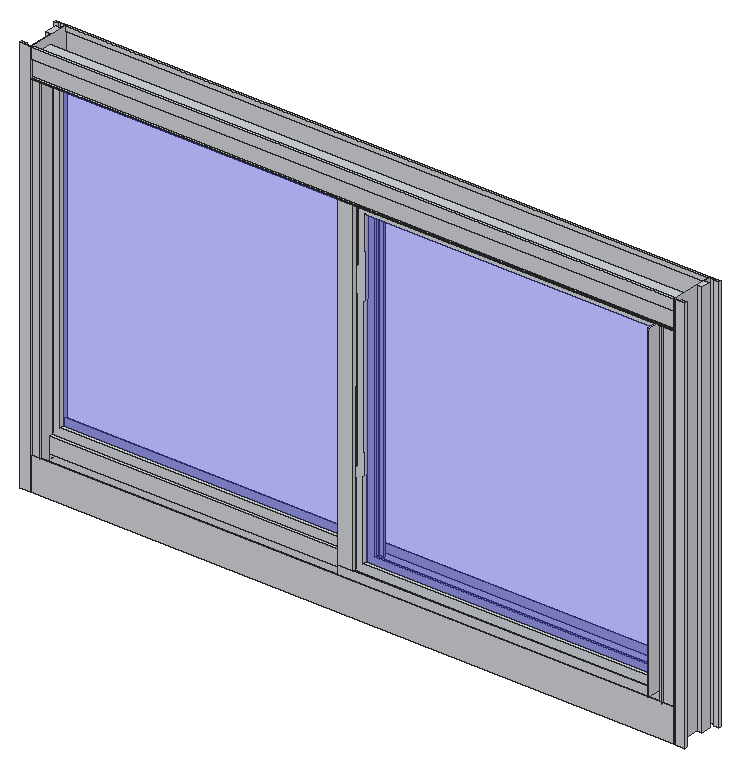
Revit family "3410_Single Slider", category Windows, host Wall, Revit 2023
Family settings
  Host = Wall
  OmniClass Number = 23.30.20.00
  OmniClass Title = Windows
  Always vertical = Yes
  Cut with Voids When Loaded = No
  Shared = No
  Room Calculation Point = No
Parameters
  Vent Width = Keep Rail Mid + 0' 2 15/16"  # 2' - 6 1/4"
  Vent Opening [instance] = 0' - 0"
  Vent Height = Height - 0' 4 5/16"  # 2' - 7 11/16"
  Keep Rail Mid = ((Width - 0' 8") / 2) + 0' 1 5/16"  # 2' - 3 5/16"
  Height = 3' - 0"
  Glass Material = Glass
  Frame Material = none
  Depth From Exterior = 0' - 0.98499"
  Default Sill Height = 3' - 0"
  Wall Closure = By host
  Width = 5' - 0"
Reference planes (in)
  plane 1 "Center (Front/Back)": y = 0
  plane 2: z = 0
  plane 3 "Center (Left/Right)": x = 0
  plane 4 "Left": x = -30
  plane 5 "Right": x = 30
  plane 6 "Sill": z = 36
  plane 7 "Top": z = 72
  plane 8: y = 2.01501
  plane 9: y = -1.98499
  plane 10: y = 3
  plane 11: y = 2.01501
  plane 12: y = -1.98499
  plane 13: y = -0.02499
  plane 14: y = 2.01501
  plane 15: x = 29
  plane 16: x = 30
  plane 17: y = 2.01501
  plane 18: y = -1.83449
  plane 19: x = 27.16
  plane 20: x = 29
  plane 21: y = 1.76301
  plane 22: y = 1.70051
  plane 23: y = 1.76301
  plane 24: y = -0.00449
  plane 25: y = 1.70051
  plane 26: x = 29
  plane 27: x = 27.473
  plane 28: y = -1.83449
  plane 29: y = -1.91449
  plane 30: x = 27.6292
  plane 31: x = 29
  plane 32: x = 30
  plane 33: x = 29
  plane 34: y = -1.83449
  plane 35: y = -1.98499
  plane 36: x = -29
  plane 37: x = -30
  plane 38: y = 2.01501
  plane 39: y = -1.98499
  plane 40: x = -29
  plane 41: x = -28.25
  plane 42: y = -1.85249
  plane 43: y = -1.91449
  plane 44: x = -2.2595
  plane 45: x = -0.1525
  plane 46: y = 1.76301
  plane 47: y = 1.70101
  plane 48: x = -1.5095
  plane 49: x = -0.1525
  plane 50: y = 1.70101
  plane 51: y = 0.15301
  plane 52: y = 0.67101
  plane 53: y = 0.67101
  plane 54: y = 0.29801
  plane 55: y = 1.67101
  plane 56: y = 0.67101
  plane 57: x = 27.45513
  plane 58: x = 27.45513
  plane 59: z = 37.812
  plane 60: z = 38.20352
  plane 61: y = -0.13088
Forms (in)
  Sweep 1, solid
    path origin (0, 0, 0) x (1, 0, 0) y (0, 0, 1)
      loop
        line (29, 36) -> (-29, 36)
    profile origin (0, 0, 36) x (0, 0, -1) y (0, -1, 0)
      loop
        line (-2.982, 1.98499) -> (-2.982, 1.91499) -> (-2.92, 1.91499) -> (-2.92, 1.83499) -> (-2.214, 1.83499) -> (-2.158, 1.89099) -> (-1.812, 1.89099) -> (-1.812, 0.97699) -> (-1.71826, 0.64264)
        arc (-1.71826, 0.64264) -> (-1.67361, 0.57582) -> (-1.59752, 0.54999) r 0.125
        line (-1.59752, 0.54999) -> (-1.03641, 0.54999) -> (-0.99048, 0.02499) -> (-2.187, 0.02499) -> (-2.187, -0.10001) -> (-2.07961, -0.16201) -> (-2.07961, -0.06901) -> (-0.98225, -0.06901) -> (-0.87891, -1.2502)
        arc (-0.87891, -1.2502) -> (-0.84878, -1.31131) -> (-0.78527, -1.33601) r 0.094
        line (-0.78527, -1.33601) -> (-0.625, -1.33601) -> (-0.625, -1.64801) -> (-1.749, -1.64801) -> (-1.749, -1.92101) -> (-2.07961, -1.92101) -> (-2.07961, -1.82801) -> (-2.187, -1.89001) -> (-2.187, -2.01501) -> (-1.655, -2.01501) -> (-1.655, -1.74201) -> (-0.625, -1.74201) -> (-0.625, -2.01501) -> (0, -2.01501) -> (0, -1.83001) -> (-0.434, -1.83001) -> (-0.434, -1.92101) -> (-0.531, -1.92101) -> (-0.531, -1.32201) -> (-0.29932, -1.32201) -> (-0.29932, -0.65701) -> (-0.34932, -0.65701) -> (-0.34932, -0.46401) -> (-0.85334, -0.46401) -> (-0.96063, 0.76242) -> (-1.05499, 0.76242) -> (-1.04463, 0.64399) -> (-1.59752, 0.64399)
        arc (-1.59752, 0.64399) -> (-1.61639, 0.6504) -> (-1.62746, 0.66697) r 0.031
        line (-1.62746, 0.66697) -> (-1.718, 1.00487) -> (-1.718, 1.89099) -> (-0.434, 1.89099) -> (-0.434, 1.79999) -> (0, 1.79999) -> (0, 1.98499) -> (-2.982, 1.98499)
  Sweep 2, solid
    path origin (0, 0, 0) x (1, 0, 0) y (0, 0, 1)
      loop
        line (29, 72) -> (-29, 72)
    profile origin (0, 0, 72) x (0, 0, -1) y (0, -1, 0)
      loop
        line (0, -2.01501) -> (2.563, -2.01501) -> (2.563, -1.74551) -> (3.3125, -1.74551) -> (3.3125, -1.68301) -> (2.563, -1.68301) -> (2.563, 0.02549) -> (1.018, 0.02549) -> (1.018, 1.83549) -> (2.563, 1.83549) -> (2.563, 1.92249) -> (2.6255, 1.92249) -> (2.6255, 1.98499) -> (2.5375, 1.98499) -> (2.4505, 1.89799) -> (1.018, 1.89799) -> (1.018, 1.98499) -> (0, 1.98499) -> (0, 1.79999) -> (0.4375, 1.79999) -> (0.4375, 1.92249) -> (0.9555, 1.92249) -> (0.9555, 1.46349) -> (0.7125, 1.46349) -> (0.7125, -0.03651) -> (2.5, -0.03651) -> (2.5, -0.31051) -> (2.0625, -0.31051) -> (2.0625, -1.36581) -> (2.5, -1.36581) -> (2.5, -1.94001) -> (0.4375, -1.94001) -> (0.4375, -1.83001) -> (0, -1.83001) -> (0, -2.01501)
  Sweep 3, solid
    path origin (0, 0, 0) x (1, 0, 0) y (0, 0, 1)
      loop
        line (29, 38.187) -> (-29, 38.187)
    profile origin (0, 0, 38.187) x (0, 0, -1) y (0, -1, 0)
      loop
        line (0, -2.01501) -> (0, -1.82801) -> (0.10739, -1.82801) -> (0.12078, -1.87801) -> (0.37851, -1.80895)
        arc (0.37851, -1.80895) -> (0.40122, -1.77496) -> (0.37048, -1.74801) r 0.031
        line (0.37048, -1.74801) -> (-0.08, -1.74801) -> (-0.08, -1.93501) -> (-1.42, -1.93501) -> (-1.42, -1.36601) -> (-1.001, -1.36601) -> (-1.001, -0.29301) -> (-1.42, -0.29301) -> (-1.42, -0.05501) -> (-0.08, -0.05501) -> (-0.08, -0.24201) -> (0.37048, -0.24201)
        arc (0.37048, -0.24201) -> (0.40122, -0.21506) -> (0.37851, -0.18107) r 0.031
        line (0.37851, -0.18107) -> (0.12078, -0.11201) -> (0.10739, -0.16201) -> (0, -0.16201) -> (0, 0.02499) -> (-1.5, 0.02499) -> (-1.5, -1.68301) -> (-2.25, -1.68301) -> (-2.25, -1.76301) -> (-1.5, -1.76301) -> (-1.5, -2.01501) -> (0, -2.01501)
  Sweep 4, solid
    path origin (0, 0, 0) x (0, 1, 0) y (0, 0, 1)
      loop
        line (1.03293, 72) -> (1.03293, 36)
    profile origin (0, 1.03293, 54) x (1, 0, 0) y (0, 1, 0)
      loop
        line (29, -2.86742) -> (29.0625, -2.86742) -> (29.0625, -0.48892) -> (29.5, -0.48892) -> (29.5, 0.33308) -> (29.0625, 0.33308) -> (29.0625, 0.91958) -> (29.5625, 0.91958) -> (29.5625, 0.79708) -> (30, 0.79708) -> (30, 0.98208) -> (29, 0.98208) -> (29, -1.05742) -> (29, -2.86742)
  Sweep 5, solid
    path origin (0, 0, 0) x (0, 1, 0) y (0, 0, 1)
      loop
        line (1.69075, 40.437) -> (1.69075, 68.6875)
    profile origin (0, 1.69075, 54.56225) x (0, -1, 0) y (1, 0, 0)
      loop
        line (-0.07226, 27.16) -> (-0.00976, 27.16) -> (-0.00976, 29) -> (-0.07226, 29) -> (-0.07226, 27.16)
  Sweep 6, solid
    path origin (0, 0, 0) x (0, 1, 0) y (0, 0, 1)
      loop
        line (0.94697, 69.437) -> (0.94697, 39.687)
    profile origin (0, 0.94697, 54.562) x (1, 0, 0) y (0, 1, 0)
      loop
        line (29, -0.95146) -> (29, -0.87146) -> (28.95125, -0.87146) -> (28.95125, -0.81196) -> (27.66, -0.81196) -> (27.66, 0.51604) -> (27.802, 0.51604) -> (27.802, 0.75354) -> (27.598, 0.75354) -> (27.598, 0.25304) -> (27.473, 0.25304) -> (27.473, 0.19104) -> (27.598, 0.19104) -> (27.598, -0.95146) -> (29, -0.95146)
  Sweep 7, solid
    path origin (0, 0, 0) x (0, 1, 0) y (0, 0, 1)
      loop
        line (-1.91435, 38.982) -> (-1.91435, 69.3745)
    profile origin (0, -1.91435, 54.17825) x (0, -1, 0) y (1, 0, 0)
      loop
        line (-0.07986, 27.6292) -> (0.00014, 27.6292) -> (0.00014, 27.80157) -> (0.21114, 27.97244) -> (0.21114, 28.0242) -> (0.00014, 27.96766) -> (0.00014, 29) -> (-0.07986, 29) -> (-0.07986, 27.6292)
  Sweep 8, solid
    path origin (0, 0, 0) x (0, 1, 0) y (0, 0, 1)
      loop
        line (-1.68118, 36) -> (-1.68118, 72)
    profile origin (0, -1.68118, 54) x (0, -1, 0) y (1, 0, 0)
      loop
        line (0.30381, 30) -> (0.11881, 30) -> (0.11881, 29.5625) -> (0.24131, 29.5625) -> (0.24131, 29.0625) -> (0.15331, 29.0625) -> (0.15331, 29) -> (0.30381, 29) -> (0.30381, 30)
  Sweep 9, solid
    path origin (0, -1.5612, 0) x (0, 1, 0) y (0, 0, 1)
      loop
        line (-2.50653, 36) -> (-2.50653, 72)
    profile origin (0, -4.06773, 54) x (0, -1, 0) y (1, 0, 0)
      loop
        line (-2.08274, -30) -> (-2.08274, -29) -> (-6.08274, -29) -> (-6.08274, -30) -> (-5.89774, -30) -> (-5.89774, -29.566) -> (-6.02074, -29.566) -> (-6.02074, -29.062) -> (-5.44028, -29.062) -> (-5.44028, -29.499) -> (-4.37874, -29.499) -> (-4.37874, -29.062) -> (-2.14474, -29.062) -> (-2.14474, -29.566) -> (-2.26774, -29.566) -> (-2.26774, -30) -> (-2.08274, -30)
  Sweep 10, solid
    path origin (0, 0, 0) x (0, 1, 0) y (0, 0, 1)
      loop
        line (-1.883, 38.92) -> (-1.883, 69.3745)
    profile origin (0, -1.883, 54.14725) x (0, -1, 0) y (1, 0, 0)
      loop
        line (-0.03051, -28.25) -> (-0.03051, -29) -> (0.03149, -29) -> (0.03149, -28.25) -> (-0.03051, -28.25)
  Sweep 11, solid
    path origin (0, 0, 0) x (0, 1, 0) y (0, 0, 1)
      loop
        line (1.72318, 40.437) -> (1.72318, 68.6875)
    profile origin (0, 1.72318, 54.56225) x (0, -1, 0) y (1, 0, 0)
      loop
        line (-0.03983, -0.1525) -> (-0.03983, -2.2595) -> (0.02217, -2.2595) -> (0.02217, -0.1525) -> (-0.03983, -0.1525)
  Sweep 12, solid
    path origin (0, 0, 0) x (0, 1, 0) y (0, 0, 1)
      loop
        line (0.8704, 39.687) -> (0.8704, 69.437)
    profile origin (0, 0.8704, 54.562) x (0, -1, 0) y (1, 0, 0)
      loop
        line (-0.83061, -1.5095) -> (0.71739, -1.5095) -> (0.71739, -0.9745) -> (0.11039, -0.9745) -> (0.11039, -0.6045) -> (0.67739, -0.6045)
        arc (0.67739, -0.6045) -> (0.70567, -0.59278) -> (0.71739, -0.5645) r 0.04
        line (0.71739, -0.5645) -> (0.71739, -0.2145) -> (0.85539, -0.2145) -> (0.85539, -0.46233) -> (0.91111, -0.55884) -> (0.93539, -0.5785) -> (0.93539, -0.1835)
        arc (0.93539, -0.1835) -> (0.92631, -0.16158) -> (0.90439, -0.1525) r 0.031
        line (0.90439, -0.1525) -> (-0.26761, -0.1525) -> (-0.26761, 0.3165)
        arc (-0.26761, 0.3165) -> (-0.29861, 0.3475) -> (-0.32961, 0.3165) r 0.031
        line (-0.32961, 0.3165) -> (-0.32961, -0.1525) -> (-0.83061, -0.1525) -> (-0.83061, -1.5095)
  Sweep 13, solid
    path origin (0, 0, 0) x (1, 0, 0) y (0, 0, 1)
      loop
        line (-1.5095, 39.687) -> (-1.5095, 69.437) -> (-29, 69.437) -> (-29, 39.687) -> (-1.5095, 39.687)
    profile origin (-15.25475, 0, 39.687) x (0, 0, -1) y (0, -1, 0)
      loop
        line (-0.75, -0.29801) -> (-0.75, -0.67101) -> (-0.3135, -0.67101) -> (-0.3135, -0.35501) -> (-0.062, -0.35501) -> (-0.062, -0.41001)
        arc (-0.062, -0.41001) -> (-0.05292, -0.43193) -> (-0.031, -0.44101) r 0.031
        line (-0.031, -0.44101) -> (0, -0.44101) -> (0, -0.29801) -> (-0.75, -0.29801)
  Sweep 14, solid, material "Glass" <- "Glass Material"
    path origin (0, 0, 0) x (0, 1, 0) y (0, 0, 1)
      loop
        line (1.5554, 39.687) -> (1.5554, 69.437)
    profile origin (0, 1.5554, 54.562) x (0, -1, 0) y (1, 0, 0)
      loop
        line (-0.11561, -29) -> (0.13439, -29) -> (0.13439, -1.5095) -> (-0.11561, -1.5095) -> (-0.11561, -29)
      loop
        line (0.63439, -29) -> (0.88439, -29) -> (0.88439, -1.5095) -> (0.63439, -1.5095) -> (0.63439, -29)
Lines and regions (in)
  Opening 1
    outline origin (-60, -3, 0) x (1, 0, 0) y (0, 0, 1)
      loop
        line (30, 72) -> (30, 36) -> (90, 36) -> (90, 72) -> (30, 72)
Text (in)
  text "EXTERIOR" at (-58.6888, 50.90694, 0), in view "Ref. Level"
  text "INTERIOR" at (-58.6888, -37.76638, 0), in view "Ref. Level"
  text "Exterior" at (0, 43.65631, 123.19604), in view "Left"
  text "Exterior" at (0, 18.29385, 125.04747), in view "Right"
Dimensions and locks (in)
  equal spacing: plane 4 "Left", plane 3 "Center (Left/Right)", plane 5 "Right"
  "Height": plane 6 "Sill" to plane 7 "Top"
  "Default Sill Height": plane 2 to plane 6 "Sill"
  "Width": plane 4 "Left" to plane 5 "Right"
  locked: plane 8 to plane 9 at 4
  "Depth From Exterior": plane 10 to plane 8
  locked: plane 11 to plane 12 at 4
  locked: plane 14 to plane 13 at 2.04
  locked: plane 17 to plane 18 at 3.8495
  locked: plane 15 to plane 16 at 1
  locked: plane 19 to plane 20 at 1.84
  locked: plane 21 to plane 22 at 0.0625
  locked: plane 23 to plane 17 at 0.252
  locked: plane 27 to plane 26 at 1.527
  locked: plane 25 to plane 24 at 1.705
  locked: plane 30 to plane 31 at 1.3708
  locked: plane 28 to plane 29 at 0.08
  locked: plane 33 to plane 32 at 1
  locked: plane 34 to plane 35 at 0.1505
  locked: plane 37 to plane 36 at 1
  locked: plane 39 to plane 38 at 4
  locked: plane 40 to plane 41 at 0.75
  locked: plane 43 to plane 42 at 0.062
  locked: plane 44 to plane 45 at 2.107
  locked: plane 46 to plane 47 at 0.062
  locked: plane 48 to plane 49 at 1.357
  locked: plane 50 to plane 51 at 1.548
  plane 49 to plane 44 = 0' - 2.107"
  "Keep Rail Mid": plane 19 to plane 49
  locked: plane 53 to plane 54 at 0.373
  locked: plane 38 to plane 53 at 1.344
  locked: plane 55 to plane 56 at 1
  locked: plane 57 to plane 30 at 0.17407
  "Vent Opening": plane 58 to plane 57
  locked: plane 59 to plane 6 "Sill" at 1.812
  locked: plane 60 to plane 59 at 0.39152
  locked: plane 61 to plane 13 at 0.10589
  plane 49 to plane 19 = 2' - 3 5/16"
  aligned and locked: plane 7 "Top" to Opening 1 sketch curve
  aligned and locked: plane 6 "Sill" to Opening 1 sketch curve  (x2)
  aligned and locked: plane 5 "Right" to Opening 1 sketch curve
  aligned and locked: plane 4 "Left" to Opening 1 sketch curve
  aligned and locked: level to plane 2
  aligned and locked: plane 6 "Sill" to Sweep 1 sketch curve
  aligned and locked: plane 8 to Sweep 1  (x2)
  aligned and locked: plane 9 to Sweep 1
  aligned and locked: plane 10 to host wall
  aligned and locked: plane 7 "Top" to Sweep 2 sketch curve
  aligned and locked: plane 11 to Sweep 2
  aligned and locked: plane 12 to Sweep 2
  aligned and locked: plane 8 to plane 11
  aligned and locked: Sweep 3 sketch curve to Sweep 1
  aligned and locked: plane 14 to Sweep 3
  aligned and locked: plane 13 to Sweep 3
  aligned and locked: plane 14 to plane 11
  aligned and locked: plane 16 to Sweep 4
  aligned and locked: plane 16 to plane 5 "Right"
  aligned and locked: plane 17 to Sweep 4
  aligned and locked: plane 18 to Sweep 4
  aligned and locked: plane 17 to plane 14
  aligned and locked: plane 7 "Top" to Sweep 4 sketch curve
  aligned and locked: plane 6 "Sill" to Sweep 4 sketch curve
  aligned and locked: plane 15 to Sweep 4
  aligned and locked: plane 15 to Sweep 2 sketch curve
  aligned and locked: plane 15 to Sweep 3 sketch curve
  aligned and locked: plane 15 to Sweep 1 sketch curve
  aligned and locked: Sweep 2 to Sweep 5 sketch curve
  aligned and locked: Sweep 3 to Sweep 5 sketch curve
  aligned and locked: plane 21 to Sweep 5
  aligned and locked: plane 20 to Sweep 5
  aligned and locked: plane 22 to Sweep 5
  aligned and locked: plane 19 to Sweep 5
  aligned and locked: plane 23 to Sweep 3
  aligned and locked: plane 21 to plane 23
  aligned and locked: plane 20 to plane 15
  aligned and locked: Sweep 3 to Sweep 6 sketch curve
  aligned and locked: Sweep 2 to Sweep 6 sketch curve
  aligned and locked: plane 24 to Sweep 6
  aligned and locked: plane 25 to Sweep 6
  aligned and locked: plane 26 to Sweep 6
  aligned and locked: plane 27 to Sweep 6
  aligned and locked: plane 26 to plane 20
  aligned and locked: plane 25 to plane 22
  aligned and locked: Sweep 2 to Sweep 7 sketch curve
  aligned and locked: Sweep 7 sketch curve to Sweep 1
  aligned and locked: plane 30 to Sweep 7
  aligned and locked: plane 31 to Sweep 7
  aligned and locked: plane 28 to Sweep 7
  aligned and locked: plane 29 to Sweep 7
  aligned and locked: plane 31 to plane 26
  aligned and locked: plane 18 to plane 28
  aligned and locked: plane 7 "Top" to Sweep 8 sketch curve
  aligned and locked: plane 6 "Sill" to Sweep 8 sketch curve
  aligned and locked: plane 34 to Sweep 8
  aligned and locked: plane 35 to Sweep 8
  aligned and locked: plane 32 to Sweep 8
  aligned and locked: plane 33 to Sweep 8
  aligned and locked: plane 32 to plane 16
  aligned and locked: plane 34 to plane 28
  aligned and locked: plane 7 "Top" to Sweep 9 sketch curve
  aligned and locked: plane 6 "Sill" to Sweep 9 sketch curve
  aligned and locked: Sweep 9 to plane 38
  aligned and locked: plane 39 to Sweep 9
  aligned and locked: plane 37 to Sweep 9  (x2)
  aligned and locked: plane 36 to Sweep 9
  aligned and locked: plane 37 to plane 4 "Left"
  aligned and locked: plane 14 to plane 38
  aligned and locked: plane 36 to Sweep 3 sketch curve
  aligned and locked: plane 36 to Sweep 1 sketch curve
  aligned and locked: plane 36 to Sweep 2 sketch curve
  aligned and locked: Sweep 10 sketch curve to Sweep 2
  aligned and locked: Sweep 1 to Sweep 10 sketch curve
  aligned and locked: plane 42 to Sweep 10
  aligned and locked: plane 43 to Sweep 10
  aligned and locked: plane 40 to Sweep 10
  aligned and locked: plane 41 to Sweep 10
  aligned and locked: plane 43 to plane 29
  aligned and locked: plane 36 to plane 40
  aligned and locked: Sweep 2 to Sweep 11 sketch curve
  aligned and locked: Sweep 3 to Sweep 11 sketch curve
  aligned and locked: plane 46 to Sweep 11
  aligned and locked: plane 45 to Sweep 11
  aligned and locked: plane 47 to Sweep 11
  aligned and locked: plane 44 to Sweep 11
  aligned and locked: plane 23 to plane 46
  aligned and locked: Sweep 2 to Sweep 12 sketch curve
  aligned and locked: Sweep 3 to Sweep 12 sketch curve
  aligned and locked: plane 50 to Sweep 12
  aligned and locked: plane 51 to Sweep 12  (x2)
  aligned and locked: plane 49 to Sweep 12  (x2)
  aligned and locked: plane 48 to Sweep 12
  aligned and locked: plane 45 to plane 49
  aligned and locked: plane 50 to plane 47
  aligned and locked: plane 48 to Sweep 13 sketch curve
  aligned and locked: Sweep 13 sketch curve to plane 40
  aligned and locked: Sweep 13 sketch curve to Sweep 2
  aligned and locked: Sweep 13 sketch curve to Sweep 3
  aligned and locked: plane 53 to Sweep 13
  aligned and locked: plane 54 to Sweep 13
  aligned and locked: plane 52 to plane 53
  aligned and locked: Sweep 2 to Sweep 14 sketch curve
  aligned and locked: Sweep 3 to Sweep 14 sketch curve
  aligned and locked: Sweep 14 sketch curve to plane 40  (x2)
  aligned and locked: plane 48 to Sweep 14 sketch curve  (x2)
  aligned and locked: plane 55 to Sweep 14
  aligned and locked: plane 56 to Sweep 14
  aligned and locked: plane 53 to plane 56
  aligned and locked: plane 59 to Sweep 1
  aligned and locked: nested 1 to plane 60
  aligned and locked: plane 61 to nested 1
  aligned and locked: plane 58 to nested 1
Automatic sketch dimensions
  Sweep 1 sketch curve to Sweep 1 sketch curve = 0' - 0"  (x4)
  profile plane to Sweep 1 sketch curve = 0' - 2.982"
  Sweep 1 sketch curve to Sweep 1 sketch curve = 0' - 0.062"  (x2)
  Sweep 1 sketch curve to Sweep 1 sketch curve = 0' - 0.706"
  Sweep 1 sketch curve to Sweep 1 sketch curve = 0' - 0.027"
  Sweep 1 sketch curve to Sweep 1 sketch curve = 0' - 0.056"  (x2)
  Sweep 1 sketch curve to Sweep 1 sketch curve = 0' - 0.10739"  (x2)
  Sweep 1 sketch curve to Sweep 1 sketch curve = 0' - 0.346"
  Sweep 1 sketch curve to Sweep 1 sketch curve = 0' - 0.33061"
  Sweep 1 sketch curve to Sweep 1 sketch curve = 0' - 0 3/32"
  Sweep 1 sketch curve to Sweep 1 sketch curve = 0' - 0.094"  (x7)
  Sweep 1 sketch curve to Sweep 1 sketch curve = 0' - 0.0908"
  Sweep 1 sketch curve to Sweep 1 sketch curve = 0' - 0.02994"
  Sweep 1 sketch curve to Sweep 1 sketch curve = 0' - 0.54252"
  Sweep 1 sketch curve to Sweep 1 sketch curve = 0' - 0.01036"
  Sweep 1 sketch curve to Sweep 1 sketch curve = 0' - 0.00822"  (x2)
  Sweep 1 sketch curve to Sweep 1 sketch curve = 0' - 0.04593"
  Sweep 1 sketch curve to Sweep 1 sketch curve = 0' - 0.09436"
  Sweep 1 sketch curve to Sweep 1 sketch curve = 0' - 0.77609"
  Sweep 1 sketch curve to Sweep 1 sketch curve = 0' - 0 33/256"
  Sweep 1 sketch curve to Sweep 1 sketch curve = 0' - 0.09364"
  Sweep 1 sketch curve to Sweep 1 sketch curve = 0' - 0.16027"  (x2)
  Sweep 1 sketch curve to Sweep 1 sketch curve = 0' - 0.52663"
  Sweep 1 sketch curve to Sweep 1 sketch curve = 0' - 0.097"
  Sweep 1 sketch curve to Sweep 1 sketch curve = 0' - 0.50401"
  Sweep 1 sketch curve to Sweep 1 sketch curve = 0' - 0.05"
  Sweep 1 sketch curve to Sweep 1 sketch curve = 0' - 0.434"  (x2)
  Sweep 1 sketch curve to plane 1 "Center (Front/Back)" = 0' - 2.01501"
  Sweep 1 sketch curve to Sweep 1 sketch curve = 0' - 0.031"
  Sweep 1 sketch curve to Sweep 1 sketch curve = 0' - 0.091"  (x2)
  Sweep 1 sketch curve to Sweep 1 sketch curve = 0' - 0.093"  (x2)
  Sweep 1 sketch curve to Sweep 1 sketch curve = 0' - 0.179"
  Sweep 1 sketch curve to Sweep 1 sketch curve = 0' - 0.312"
  Sweep 1 sketch curve to Sweep 1 sketch curve = 0' - 0.014"
  Sweep 1 sketch curve to Sweep 1 sketch curve = 0' - 0.08581"
  Sweep 1 sketch curve to Sweep 1 sketch curve = 0' - 0.665"
  Sweep 1 sketch curve to Sweep 1 sketch curve = 0' - 0.193"
  Sweep 1 sketch curve to Sweep 1 sketch curve = 0' - 0.302"
  Sweep 1 sketch curve to Sweep 1 sketch curve = 0' - 0 1/8"
  Sweep 1 sketch curve to Sweep 1 sketch curve = 0' - 0.619"
  Sweep 1 sketch curve to Sweep 1 sketch curve = 0' - 0.09265"
  Sweep 1 sketch curve to Sweep 1 sketch curve = 0' - 0.11843"
  Sweep 1 sketch curve to Sweep 1 sketch curve = 0' - 0.33435"
  Sweep 1 sketch curve to Sweep 1 sketch curve = 0' - 0.02788"
  Sweep 1 sketch curve to Sweep 1 sketch curve = 0' - 0.858"
  Sweep 1 sketch curve to Sweep 1 sketch curve = 0' - 0.08"
  Sweep 1 sketch curve to Sweep 1 sketch curve = 0' - 0.07"
  Sweep 1 sketch curve to Sweep 1 sketch curve = 0' - 0.185"
  Sweep 2 sketch curve to profile plane = 0' - 0"
  Sweep 2 sketch curve to Sweep 2 sketch curve = 0' - 0"  (x3)
  Sweep 2 sketch curve to Sweep 2 sketch curve = 0' - 0 7/16"  (x4)
  Sweep 2 sketch curve to Sweep 2 sketch curve = 0' - 0.275"
  Sweep 2 sketch curve to Sweep 2 sketch curve = 0' - 0.243"
  Sweep 2 sketch curve to Sweep 2 sketch curve = 0' - 0 1/16"  (x5)
  Sweep 2 sketch curve to Sweep 2 sketch curve = 0' - 1 5/8"
  Sweep 2 sketch curve to Sweep 2 sketch curve = 0' - 1.4325"
  Sweep 2 sketch curve to Sweep 2 sketch curve = 0' - 0.087"  (x2)
  Sweep 2 sketch curve to Sweep 2 sketch curve = 0' - 0.1125"
  Sweep 2 sketch curve to Sweep 2 sketch curve = 0' - 0.063"
  Sweep 2 sketch curve to Sweep 2 sketch curve = 0' - 0.7495"
  Sweep 2 sketch curve to plane 1 "Center (Front/Back)" = 0' - 1.94001"
  Sweep 2 sketch curve to Sweep 2 sketch curve = 0' - 0.11"
  Sweep 2 sketch curve to Sweep 2 sketch curve = 0' - 0.1945"
  Sweep 2 sketch curve to Sweep 2 sketch curve = 0' - 0.3172"
  Sweep 2 sketch curve to Sweep 2 sketch curve = 0' - 1.0553"
  Sweep 2 sketch curve to Sweep 2 sketch curve = 0' - 0.274"
  Sweep 2 sketch curve to Sweep 2 sketch curve = 0' - 0.062"
  Sweep 2 sketch curve to Sweep 2 sketch curve = 0' - 1.438"
  Sweep 2 sketch curve to Sweep 2 sketch curve = 0' - 0.3365"
  Sweep 2 sketch curve to Sweep 2 sketch curve = 0' - 0.372"
  Sweep 2 sketch curve to Sweep 2 sketch curve = 0' - 0.0245"
  Sweep 2 sketch curve to Sweep 2 sketch curve = 0' - 0.185"  (x2)
  profile plane to Sweep 3 sketch curve = 0' - 2 1/4"
  Sweep 3 sketch curve to Sweep 3 sketch curve = 0' - 0 3/4"
  Sweep 3 sketch curve to Sweep 3 sketch curve = 0' - 0"
  Sweep 3 sketch curve to Sweep 3 sketch curve = 0' - 0.08"  (x8)
  Sweep 3 sketch curve to Sweep 3 sketch curve = 0' - 0.499"
  Sweep 3 sketch curve to Sweep 3 sketch curve = 0' - 0.921"  (x2)
  Sweep 3 sketch curve to Sweep 3 sketch curve = 0' - 0.10739"  (x2)
  Sweep 3 sketch curve to Sweep 3 sketch curve = 0' - 0.0134"  (x2)
  Sweep 3 sketch curve to Sweep 3 sketch curve = 0' - 0.2631"  (x2)
  Sweep 3 sketch curve to Sweep 3 sketch curve = 0' - 0.00802"  (x2)
  Sweep 3 sketch curve to plane 1 "Center (Front/Back)" = 0' - 2.01501"
  Sweep 3 sketch curve to Sweep 3 sketch curve = 0' - 0.137"
  Sweep 3 sketch curve to Sweep 3 sketch curve = 0' - 0.05"
  Sweep 3 sketch curve to Sweep 3 sketch curve = 0' - 0.02994"
  Sweep 3 sketch curve to Sweep 3 sketch curve = 0' - 0.252"
  Sweep 3 sketch curve to Sweep 3 sketch curve = 0' - 0.317"
  Sweep 3 sketch curve to Sweep 3 sketch curve = 0' - 1.073"
  Sweep 3 sketch curve to Sweep 3 sketch curve = 0' - 0.051"
  Sweep 3 sketch curve to Sweep 3 sketch curve = 0' - 0.031"
  Sweep 3 sketch curve to Sweep 3 sketch curve = 0' - 0.107"
  plane 8 to Sweep 4 sketch curve = 0' - 0.98208"
  Sweep 4 sketch curve to Sweep 4 sketch curve = 0' - 0 1/16"  (x4)
  Sweep 4 sketch curve to Sweep 4 sketch curve = 0' - 0 7/16"  (x2)
  profile plane to Sweep 4 sketch curve = 0' - 0.48892"
  Sweep 4 sketch curve to profile plane = 0' - 0.33308"
  Sweep 4 sketch curve to Sweep 4 sketch curve = 0' - 0.464"
  Sweep 4 sketch curve to Sweep 4 sketch curve = 0' - 0.1225"
  Sweep 4 sketch curve to Sweep 4 sketch curve = 0' - 1.81"
  profile plane to Sweep 4 sketch curve = 0' - 2.86742"
  plane 3 "Center (Left/Right)" to Sweep 4 sketch curve = 2' - 5"
  plane 8 to Sweep 5 sketch curve = 0' - 0.32426"
  profile plane to Sweep 5 sketch curve = 0' - 0.00976"
  plane 3 "Center (Left/Right)" to Sweep 5 sketch curve = 2' - 3.16"
  Sweep 5 sketch curve to Sweep 5 sketch curve = 0' - 1.84"
  Sweep 5 sketch curve to Sweep 5 sketch curve = 0' - 0 1/16"
  Sweep 6 sketch curve to plane 22 = 0' - 0.75354"
  plane 3 "Center (Left/Right)" to Sweep 6 sketch curve = 2' - 3.473"
  Sweep 6 sketch curve to Sweep 6 sketch curve = 0' - 0 1/8"
  Sweep 6 sketch curve to Sweep 6 sketch curve = 0' - 0"
  Sweep 6 sketch curve to Sweep 6 sketch curve = 0' - 0.062"  (x2)
  Sweep 6 sketch curve to Sweep 6 sketch curve = 0' - 0.142"
  Sweep 6 sketch curve to Sweep 6 sketch curve = 0' - 1.29125"
  Sweep 6 sketch curve to Sweep 6 sketch curve = 0' - 0.04875"
  profile plane to Sweep 6 sketch curve = 0' - 0.95146"
  Sweep 6 sketch curve to Sweep 6 sketch curve = 0' - 0.08"
  Sweep 6 sketch curve to Sweep 6 sketch curve = 0' - 0.0595"
  Sweep 6 sketch curve to Sweep 6 sketch curve = 0' - 1.003"
  Sweep 6 sketch curve to Sweep 6 sketch curve = 0' - 0.263"
  Sweep 6 sketch curve to Sweep 6 sketch curve = 0' - 0.2375"
  Sweep 7 sketch curve to plane 9 = 0' - 0.07064"
  profile plane to Sweep 7 sketch curve = 0' - 0.07986"
  Sweep 7 sketch curve to Sweep 7 sketch curve = 0' - 0.08"
  Sweep 7 sketch curve to Sweep 7 sketch curve = 0' - 0"
  Sweep 7 sketch curve to Sweep 7 sketch curve = 0' - 0.211"
  plane 3 "Center (Left/Right)" to Sweep 7 sketch curve = 2' - 3.6292"
  Sweep 7 sketch curve to Sweep 7 sketch curve = 0' - 0.17237"
  Sweep 7 sketch curve to Sweep 7 sketch curve = 0' - 0.16609"
  Sweep 7 sketch curve to Sweep 7 sketch curve = 0' - 0.00477"
  Sweep 7 sketch curve to Sweep 7 sketch curve = 0' - 0.05176"
  Sweep 7 sketch curve to Sweep 7 sketch curve = 0' - 0.9758"
  Sweep 8 sketch curve to plane 9 = 0' - 0.30381"
  Sweep 8 sketch curve to profile plane = 0' - 0.11881"
  Sweep 8 sketch curve to Sweep 8 sketch curve = 0' - 0.0345"
  Sweep 8 sketch curve to Sweep 8 sketch curve = 0' - 0.088"
  Sweep 8 sketch curve to Sweep 8 sketch curve = 0' - 0 1/16"  (x2)
  plane 3 "Center (Left/Right)" to Sweep 8 sketch curve = 2' - 5"
  Sweep 8 sketch curve to Sweep 8 sketch curve = 0' - 0 1/2"
  Sweep 8 sketch curve to Sweep 8 sketch curve = 0' - 0 7/16"
  plane 9 to Sweep 9 sketch curve = 0' - 2.08274"
  profile plane to Sweep 9 sketch curve = 0' - 6.08274"
  Sweep 9 sketch curve to Sweep 9 sketch curve = 0' - 0.062"  (x3)
  Sweep 9 sketch curve to Sweep 9 sketch curve = 0' - 0.123"  (x2)
  Sweep 9 sketch curve to Sweep 9 sketch curve = 0' - 0.45746"
  Sweep 9 sketch curve to Sweep 9 sketch curve = 0' - 1.06154"
  Sweep 9 sketch curve to Sweep 9 sketch curve = 0' - 2.111"
  Sweep 9 sketch curve to plane 3 "Center (Left/Right)" = 2' - 6"
  Sweep 9 sketch curve to Sweep 9 sketch curve = 0' - 0"
  Sweep 9 sketch curve to Sweep 9 sketch curve = 0' - 0.434"  (x2)
  Sweep 9 sketch curve to Sweep 9 sketch curve = 0' - 0.067"
  Sweep 9 sketch curve to Sweep 9 sketch curve = 0' - 0.437"  (x2)
  plane 29 to Sweep 10 sketch curve = 0' - 0.03149"
  Sweep 10 sketch curve to profile plane = 0' - 0.03149"
  Sweep 10 sketch curve to plane 3 "Center (Left/Right)" = 2' - 5"
  Sweep 10 sketch curve to Sweep 10 sketch curve = 0' - 0 3/4"
  Sweep 10 sketch curve to Sweep 10 sketch curve = 0' - 0.062"
  plane 22 to Sweep 11 sketch curve = 0' - 0.02267"
  profile plane to Sweep 11 sketch curve = 0' - 0.03983"
  Sweep 11 sketch curve to Sweep 11 sketch curve = 0' - 0.062"
  Sweep 11 sketch curve to plane 3 "Center (Left/Right)" = 0' - 2.2595"
  Sweep 11 sketch curve to Sweep 11 sketch curve = 0' - 2.107"
  Sweep 12 sketch curve to plane 22 = 0' - 0.83011"
  profile plane to Sweep 12 sketch curve = 0' - 0.83061"
  Sweep 12 sketch curve to Sweep 12 sketch curve = 0' - 0.501"
  Sweep 12 sketch curve to Sweep 12 sketch curve = 0' - 0.031"  (x3)
  Sweep 12 sketch curve to Sweep 12 sketch curve = 0' - 0.378"
  Sweep 12 sketch curve to Sweep 12 sketch curve = 0' - 0.567"
  Sweep 12 sketch curve to Sweep 12 sketch curve = 0' - 0.607"
  Sweep 12 sketch curve to Sweep 12 sketch curve = 0' - 0.04"
  Sweep 12 sketch curve to Sweep 12 sketch curve = 0' - 0.138"
  Sweep 12 sketch curve to Sweep 12 sketch curve = 0' - 0.049"
  Sweep 12 sketch curve to Sweep 12 sketch curve = 0' - 0.05572"
  Sweep 12 sketch curve to plane 3 "Center (Left/Right)" = 0' - 1.5095"
  Sweep 12 sketch curve to Sweep 12 sketch curve = 0' - 0.535"
  Sweep 12 sketch curve to Sweep 12 sketch curve = 0' - 0.37"
  Sweep 12 sketch curve to Sweep 12 sketch curve = 0' - 0.014"
  Sweep 12 sketch curve to Sweep 12 sketch curve = 0' - 0.01966"
  Sweep 12 sketch curve to Sweep 12 sketch curve = 0' - 0.09651"
  Sweep 12 sketch curve to Sweep 12 sketch curve = 0' - 0.24783"
  Sweep 12 sketch curve to Sweep 12 sketch curve = 0' - 0"
  Sweep 12 sketch curve to Sweep 12 sketch curve = 0' - 0.469"
  profile plane to Sweep 13 sketch curve = 0' - 0 3/4"
  Sweep 13 sketch curve to Sweep 13 sketch curve = 0' - 0.4365"
  Sweep 13 sketch curve to Sweep 13 sketch curve = 0' - 0.2515"
  Sweep 13 sketch curve to Sweep 13 sketch curve = 0' - 0.031"
  Sweep 13 sketch curve to Sweep 13 sketch curve = 0' - 0.062"
  Sweep 13 sketch curve to plane 1 "Center (Front/Back)" = 0' - 0.67101"
  Sweep 13 sketch curve to Sweep 13 sketch curve = 0' - 0.261"
  Sweep 13 sketch curve to Sweep 13 sketch curve = 0' - 0.055"
  Sweep 13 sketch curve to Sweep 13 sketch curve = 0' - 0.057"
  Sweep 14 sketch curve to plane 22 = 0' - 0.14511"
  profile plane to Sweep 14 sketch curve = 0' - 0.11561"
  Sweep 14 sketch curve to Sweep 14 sketch curve = 0' - 0 1/4"  (x2)
  Sweep 14 sketch curve to Sweep 14 sketch curve = 0' - 0 1/2"
Nested families (in)
  nested 1: "Sliding Vent" at (13.62513, -3.80723, -9.10898), type "Sliding Vent"
Definition of nested family "Sliding Vent"
  Parameters (values of type "Sliding Vent")
    Vent Width = 2' - 6 1/4"
    Vent Height = 2' - 7 11/16"
    Vent Glass Material = none
    Vent Frame Material = none
    Default Elevation = 0' - 0"
  Reference planes (in)
    plane 1 "Center (Front/Back)": y = 0
    plane 2: z = 0
    plane 3 "Center (Left/Right)": x = 0
    plane 4: x = -15.125
    plane 5: x = 15.125
    plane 6: z = 79
    plane 7: z = 47.3125
    plane 8: y = 3.67635
    plane 9: y = 2.02635
    plane 10: y = 3.63635
    plane 11: y = 3.63635
    plane 12: y = 3.57435
    plane 13: through (0, 2.44111, 85.8073) normal (0, -1, 0.007)
    plane 14: y = 3.57435
    plane 15: y = 2.57435
  Forms (in)
    Sweep 1, solid
      path origin (0, 0, 0) x (1, 0, 0) y (0, 0, 1)
        loop
          line (-15.125, 47.3125) -> (15.125, 47.3125)
      profile origin (0, 0, 47.3125) x (0, 0, 1) y (0, -1, 0)
        loop
          line (1.473, -3.67635) -> (1.473, -2.02635) -> (0, -2.02635) -> (0, -2.18135) -> (0.514, -2.18135) -> (0.514, -2.09135) -> (1.393, -2.09135) -> (1.393, -2.14135) -> (1.328, -2.14135) -> (1.328, -2.18135) -> (1.0675, -2.18135) -> (1.0675, -3.51835) -> (1.328, -3.51835) -> (1.328, -3.56135) -> (1.393, -3.56135) -> (1.393, -3.61135) -> (0.514, -3.61135) -> (0.514, -3.51835) -> (0, -3.51835) -> (0, -3.67635) -> (1.473, -3.67635)
    Sweep 2, solid
      path origin (0, 0, 0) x (1, 0, 0) y (0, 0, 1)
        loop
          line (-15.125, 79) -> (15.125, 79)
      profile origin (0, 0, 79) x (0, 0, 1) y (0, -1, 0)
        loop
          line (-0.473, -3.67635) -> (0, -3.67635) -> (0, -3.52435) -> (-0.411, -3.52435) -> (-0.411, -3.19435) -> (-0.067, -3.19435) -> (-0.067, -2.50835) -> (-0.203, -2.50835) -> (-0.203, -2.17835) -> (0, -2.17835) -> (0, -2.02635) -> (-0.473, -2.02635) -> (-0.473, -3.67635)
    Sweep 3, solid
      path origin (0, 0, 0) x (1, 0, 0) y (0, 0, 1)
        loop
          line (15.125, 78.527) -> (15.125, 48.7855)
      profile origin (15.125, 0, 63.65625) x (0, -1, 0) y (1, 0, 0)
        loop
          arc (-0.93435, -1.375) -> (-0.89435, -1.335) -> (-0.93435, -1.295) r 0.04
          line (-0.93435, -1.295) -> (-2.02635, -1.295) -> (-2.02635, 0) -> (-2.69535, 0) -> (-2.69535, -0.85) -> (-3.28035, -0.85) -> (-3.28035, -1.134) -> (-3.49138, -1.134) -> (-3.49138, -1.295) -> (-3.59635, -1.295) -> (-3.59635, -0.46987) -> (-3.50635, -0.46987) -> (-3.50635, 0) -> (-3.67635, 0) -> (-3.67635, -1.375) -> (-0.93435, -1.375)
    Sweep 4, solid
      path origin (0, 0, 0) x (1, 0, 0) y (0, 0, 1)
        loop
          line (-15.125, 78.527) -> (-15.125, 48.7855)
      profile origin (-15.125, 0, 63.65625) x (0, -1, 0) y (1, 0, 0)
        loop
          line (-2.02635, 0) -> (-2.02635, 1.375) -> (-3.63635, 1.375) -> (-3.63635, 0.925) -> (-3.78635, 0.925) -> (-3.78635, 1.22349) -> (-3.8561, 1.29324) -> (-3.86635, 1.25502) -> (-3.86635, 0.845) -> (-3.55635, 0.845) -> (-3.55635, 1.29742) -> (-3.27897, 1.29742) -> (-3.27897, 0.85036) -> (-3.06935, 0.85036) -> (-3.06935, 0.47) -> (-3.67635, 0.47) -> (-3.67635, 0) -> (-2.02635, 0)
    Sweep 5, solid
      path origin (0, 0, 0) x (1, 0, 0) y (0, 0, 1)
        loop
          line (13.75, 48.7855) -> (13.75, 78.527) -> (-13.75, 78.527) -> (-13.75, 48.7855) -> (13.75, 48.7855)
      profile origin (0, 0, 48.7855) x (0, 0, -1) y (0, -1, 0)
        loop
          line (-0.75, -3.63635) -> (0, -3.63635) -> (0, -3.57435) -> (-0.75, -3.57435) -> (-0.75, -3.63635)
    Sweep 6, solid
      path origin (0, 3.24742, -0.02084) x (1, 0, 0) y (0, 0.006954, 0.999976)
        loop
          line (13.75, 48.80752) -> (13.75, 78.527) -> (-13.75, 78.527) -> (-13.75, 48.80752) -> (13.75, 48.80752)
      profile origin (0, 3.58683, 48.7855) x (0, -0.006954, -0.999976) y (0, -0.999976, 0.006954)
        loop
          line (-0.75, 1.40313) -> (-0.75, 1.03014) -> (-0.313, 1.03014) -> (-0.313, 1.34613) -> (-0.062, 1.34613) -> (-0.062, 1.29113)
          arc (-0.062, 1.29113) -> (-0.05292, 1.26921) -> (-0.031, 1.26013) r 0.031
          line (-0.031, 1.26013) -> (0, 1.26013) -> (0, 1.40313) -> (-0.75, 1.40313)
    Sweep 7, solid, material <- "Vent Glass Material"
      path origin (0, 0, 0) x (0, 1, 0) y (0, 0, 1)
        loop
          line (3.35265, 78.527) -> (3.35265, 48.7855)
      profile origin (0, 3.35265, 63.65625) x (1, 0, 0) y (0, 1, 0)
        loop
          line (-13.75, 0.2217) -> (-13.75, -0.0283) -> (13.75, -0.0283) -> (13.75, 0.2217) -> (-13.75, 0.2217)
        loop
          line (-13.75, -0.5283) -> (-13.75, -0.7783) -> (13.75, -0.7783) -> (13.75, -0.5283) -> (-13.75, -0.5283)
  Dimensions and locks (in)
    "Vent Height": plane 7 to plane 6
    "Vent Width": plane 5 to plane 4
    equal spacing: plane 5, plane 3 "Center (Left/Right)", plane 4
    locked: plane 8 to plane 10 at 0.04
    locked: plane 11 to plane 12 at 0.062
    locked: plane 8 to plane 9 at 1.65
    locked: plane 14 to plane 15 at 1
    aligned and locked: plane 2 to level
    aligned and locked: plane 4 to Sweep 1 sketch curve
    aligned and locked: plane 5 to Sweep 1 sketch curve
    aligned and locked: Sweep 1 sketch curve to plane 7
    aligned and locked: plane 8 to Sweep 1
    aligned and locked: plane 9 to Sweep 1
    aligned and locked: plane 4 to Sweep 2 sketch curve
    aligned and locked: plane 5 to Sweep 2 sketch curve
    aligned and locked: Sweep 2 sketch curve to plane 6
    aligned and locked: Sweep 2 to plane 8
    aligned and locked: plane 9 to Sweep 2
    aligned and locked: Sweep 2 to Sweep 3 sketch curve
    aligned and locked: Sweep 1 to Sweep 3 sketch curve
    aligned and locked: plane 5 to Sweep 3 sketch curve
    aligned and locked: Sweep 1 to Sweep 4 sketch curve
    aligned and locked: Sweep 2 to Sweep 4 sketch curve
    aligned and locked: plane 4 to Sweep 4 sketch curve
    aligned and locked: Sweep 5 sketch curve to Sweep 1
    aligned and locked: Sweep 5 sketch curve to Sweep 3
    aligned and locked: Sweep 5 sketch curve to Sweep 4
    aligned and locked: Sweep 5 sketch curve to Sweep 2
    aligned and locked: plane 11 to Sweep 5
    aligned and locked: plane 12 to Sweep 5
    aligned and locked: plane 10 to plane 11
    aligned and locked: Sweep 6 sketch curve to Sweep 3
    aligned and locked: Sweep 5 to Sweep 6 sketch curve
    aligned and locked: plane 9 to Sweep 4
    aligned and locked: Sweep 4 to plane 8
    aligned and locked: plane 9 to Sweep 3
    aligned and locked: Sweep 3 to plane 8
    aligned and locked: plane 13 to Sweep 6
    aligned and locked: Sweep 4 to Sweep 7 sketch curve  (x2)
    aligned and locked: Sweep 7 sketch curve to Sweep 4  (x2)
    aligned and locked: Sweep 7 sketch curve to Sweep 3  (x2)
    aligned and locked: plane 14 to Sweep 7
    aligned and locked: plane 15 to Sweep 7
    aligned and locked: plane 12 to plane 14
    aligned and locked: Sweep 6 sketch curve to Sweep 1
  Automatic sketch dimensions
    profile plane to Sweep 1 sketch curve = 0' - 0"  (x2)
    Sweep 1 sketch curve to profile plane = 0' - 0.514"
    Sweep 1 sketch curve to Sweep 1 sketch curve = 0' - 0.514"
    Sweep 1 sketch curve to Sweep 1 sketch curve = 0' - 0.5535"
    Sweep 1 sketch curve to Sweep 1 sketch curve = 0' - 0.2605"  (x2)
    Sweep 1 sketch curve to Sweep 1 sketch curve = 0' - 0.065"  (x3)
    Sweep 1 sketch curve to Sweep 1 sketch curve = 0' - 0.08"
    Sweep 1 sketch curve to plane 1 "Center (Front/Back)" = 0' - 3.67635"
    Sweep 1 sketch curve to Sweep 1 sketch curve = 0' - 0.05"  (x2)
    Sweep 1 sketch curve to Sweep 1 sketch curve = 0' - 0.093"
    Sweep 1 sketch curve to Sweep 1 sketch curve = 0' - 0.043"
    Sweep 1 sketch curve to Sweep 1 sketch curve = 0' - 1.337"
    Sweep 1 sketch curve to Sweep 1 sketch curve = 0' - 0"
    Sweep 1 sketch curve to Sweep 1 sketch curve = 0' - 0.04"
    Sweep 1 sketch curve to Sweep 1 sketch curve = 0' - 0.155"
    profile plane to Sweep 2 sketch curve = 0' - 0"  (x2)
    profile plane to Sweep 2 sketch curve = 0' - 0.067"
    profile plane to Sweep 2 sketch curve = 0' - 0.203"
    Sweep 2 sketch curve to Sweep 2 sketch curve = 0' - 0.344"
    Sweep 2 sketch curve to Sweep 2 sketch curve = 0' - 0.062"
    Sweep 2 sketch curve to plane 1 "Center (Front/Back)" = 0' - 3.67635"
    Sweep 2 sketch curve to Sweep 2 sketch curve = 0' - 0.152"  (x2)
    Sweep 2 sketch curve to Sweep 2 sketch curve = 0' - 0.33"  (x2)
    Sweep 2 sketch curve to Sweep 2 sketch curve = 0' - 0.686"
    Sweep 3 sketch curve to profile plane = 0' - 0"  (x2)
    profile plane to Sweep 3 sketch curve = 0' - 1 3/8"
    Sweep 3 sketch curve to plane 1 "Center (Front/Back)" = 0' - 3.67635"
    Sweep 3 sketch curve to Sweep 3 sketch curve = 0' - 0.08"  (x2)
    Sweep 3 sketch curve to Sweep 3 sketch curve = 0' - 0.09"
    Sweep 3 sketch curve to Sweep 3 sketch curve = 0' - 0.10497"
    Sweep 3 sketch curve to Sweep 3 sketch curve = 0' - 0.21103"
    Sweep 3 sketch curve to Sweep 3 sketch curve = 0' - 0.585"
    Sweep 3 sketch curve to Sweep 3 sketch curve = 0' - 0.669"
    Sweep 3 sketch curve to plane 1 "Center (Front/Back)" = 0' - 0.93435"
    Sweep 3 sketch curve to Sweep 3 sketch curve = 0' - 0.04"
    Sweep 3 sketch curve to Sweep 3 sketch curve = 0' - 0.161"
    Sweep 3 sketch curve to Sweep 3 sketch curve = 0' - 0.284"
    profile plane to Sweep 3 sketch curve = 0' - 0.46987"
    Sweep 4 sketch curve to profile plane = 0' - 0"
    Sweep 4 sketch curve to profile plane = 0' - 0.845"
    Sweep 4 sketch curve to plane 1 "Center (Front/Back)" = 0' - 3.86635"
    Sweep 4 sketch curve to profile plane = 0' - 1.29324"
    Sweep 4 sketch curve to Sweep 4 sketch curve = 0' - 0.01024"
    Sweep 4 sketch curve to Sweep 4 sketch curve = 0' - 0.08"  (x3)
    Sweep 4 sketch curve to Sweep 4 sketch curve = 0' - 0.19"
    Sweep 4 sketch curve to Sweep 4 sketch curve = 0' - 0.15"
    Sweep 4 sketch curve to Sweep 4 sketch curve = 0' - 0.27737"
    Sweep 4 sketch curve to Sweep 4 sketch curve = 0' - 0.20963"
    Sweep 4 sketch curve to Sweep 4 sketch curve = 0' - 1.043"
    Sweep 4 sketch curve to Sweep 4 sketch curve = 0' - 0 3/8"
    Sweep 4 sketch curve to Sweep 4 sketch curve = 0' - 0.38036"
    Sweep 4 sketch curve to Sweep 4 sketch curve = 0' - 0.06976"
    Sweep 4 sketch curve to Sweep 4 sketch curve = 0' - 0.03823"
    Sweep 4 sketch curve to Sweep 4 sketch curve = 0' - 0.44706"
    Sweep 4 sketch curve to Sweep 4 sketch curve = 0' - 0.52464"
    profile plane to Sweep 5 sketch curve = 0' - 0 3/4"
    Sweep 5 sketch curve to Sweep 5 sketch curve = 0' - 0 3/4"
    Sweep 5 sketch curve to plane 1 "Center (Front/Back)" = 0' - 3.63635"
    Sweep 5 sketch curve to Sweep 5 sketch curve = 0' - 0.062"
    profile plane to Sweep 6 sketch curve = 0' - 0 3/4"
    profile plane to Sweep 6 sketch curve = 0' - 0.313"
    profile plane to Sweep 6 sketch curve = 0' - 0.062"
    Sweep 6 sketch curve to Sweep 6 sketch curve = 0' - 0.031"
    profile plane to Sweep 6 sketch curve = 0' - 0"
    plane 1 "Center (Front/Back)" to Sweep 6 sketch curve = 0' - 2.56192"
    Sweep 6 sketch curve to Sweep 6 sketch curve = 0' - 0.26099"
    Sweep 6 sketch curve to Sweep 6 sketch curve = 0' - 0.055"
    Sweep 6 sketch curve to Sweep 6 sketch curve = 0' - 0.057"
    Sweep 6 sketch curve to Sweep 6 sketch curve = 2' - 5.71948"
    plane 12 to Sweep 7 sketch curve = 0' - 0.2217"
    profile plane to Sweep 7 sketch curve = 0' - 0.7783"
    Sweep 7 sketch curve to Sweep 7 sketch curve = 0' - 0 3/4"
    Sweep 7 sketch curve to Sweep 7 sketch curve = 0' - 0 1/4"  (x2)
